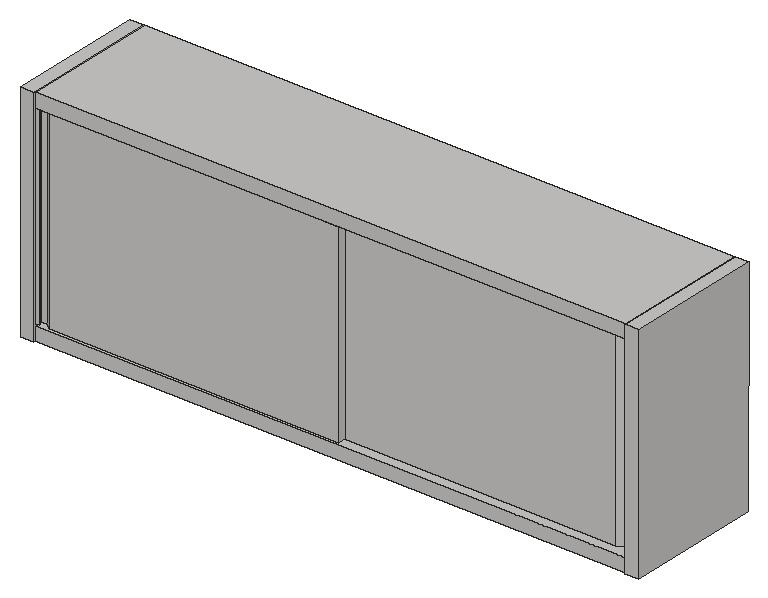
Revit family "QF_ELECTROLUXPROFESSIONAL_132925_SPS18LCN", category Attrezzature speciali, Revit 2020
Family settings
  Quota connettore circolare = Usa diametro
  Tipo di parte = Normale
  Basato su piano di lavoro = No
  Sempre verticale = Sì
  Taglio con vuoti quando caricato = No
  Condiviso = No
  Punto di calcolo locali = No
Parameters (values of type "Standard")
  Weight = 35.00 kg
  Watts = 0 W
  Volts = 0 V
  URL Manufacturer = "https://www.electroluxprofessional.com/"
  URL = "https://www.electroluxprofessional.com/"
  Steam Supply Size = 0 mm
  Steam Supply Minimum Pressure = 0.0 Pa
  Steam Supply Maximum Pressure = 0.0 Pa
  Steam Consumption per Hour = 0
  Refrigeration Suction Line Size = 0.0 mm
  Refrigeration Liquid Line Size = 0.0 mm
  Refrigerant Compressor Remote = yes
  Prospetto di default = 0.0 mm
  Phase = 0
  Modello = "SPS18LCN"
  Produttore = "Electrolux Professional"
  Length Actual = 1800.0 mm  # constant formula
  Item Number = "132925"
  Hot Water Size = 0 mm
  Height Actual = 650.0 mm  # constant formula
  HP = "0 HP"
  Gas Size = 0 mm
  Gas KW = 0
  Gas Input Pressure = 0 W
  Direct Waste Size = 0 mm
  Descrizione = "WALL CUPBOARD W/2 SLIDING DOORS 1800MM"
  Depth Actual = 400.0 mm  # constant formula
  Cycle = 0 Hz
  Condensate Return Size = 0 mm
  Compressed Air Volume = 0.0 L/s
  Compressed Air Size = 0 mm
  Compressed Air Pressure = 0.0 Pa
  Cold Water Size = 0 mm
  Accessory = yes
Reference planes
  plane 1 "Center (Front/Back)": y = 0
  plane 2: z = 0
  plane 3 "Center (Left/Right)": x = -300
  plane 4 "LEFT": x = -1200
  plane 5 "RIGHT": x = 600
  plane 6 "BACK": y = 200
  plane 7 "FRONT": y = -200
  plane 8 "Base": z = 2200
  plane 9 "BASE": z = 1550
  plane 10: x = -1160
  plane 11: x = 560
  plane 12: y = -197
  plane 13: y = 150
Forms (mm)
  Extrusion 1, solid, material "QF_Finishes_Stainless Steel"
    sketch origin (0, 0, 1550) x (-1, 0, 0) y (0, -1, 0)
      loop
        line (1200, -200) -> (1200, 200) -> (1160, 200) -> (1160, -200) -> (1200, -200)
      loop
        line (-560, -200) -> (-560, 200) -> (-600, 200) -> (-600, -200) -> (-560, -200)
    from 0 to 650
  Extrusion 2, solid, material "QF_Finishes_Stainless Steel"
    sketch origin (0, 0, 1550) x (-1, 0, 0) y (0, -1, 0)
      loop
        line (1160, -150) -> (1160, 197) -> (-560, 197) -> (-560, -150) -> (1160, -150)
    from 0 to 40
  Extrusion 3, solid, material "QF_Finishes_Stainless Steel"
    sketch origin (0, 0, 0) x (1, 0, 0) y (0, 1, 0)
      loop
        line (-1160, -197) -> (560, -197) -> (560, 200) -> (-1160, 200) -> (-1160, -197)
    from 2160 to 2200
  Extrusion 4, solid, material "QF_Finishes_Stainless Steel"
    sketch origin (0, 0, 1550) x (-1, 0, 0) y (0, -1, 0)
      loop
        line (1160, -200) -> (1160, -150) -> (-560, -150) -> (-560, -200) -> (1160, -200)
    from 610 to 0
  Extrusion 5, solid, material "QF_Finishes_Stainless Steel"
    sketch origin (0, 0, 0) x (1, 0, 0) y (0, 1, 0)
      loop
        line (-273.481, -197) -> (-273.481, -177) -> (-1157, -177) -> (-1157, -197) -> (-1147, -197) -> (-1147, -194) -> (-1154, -194) -> (-1154, -182) -> (-1137, -182) -> (-1117, -197) -> (-273.481, -197)
    from 1597 to 2160
  Extrusion 6, solid, material "QF_Finishes_Stainless Steel"
    sketch origin (0, 0, 0) x (1, 0, 0) y (0, 1, 0)
      loop
        line (-326.5, -177) -> (517, -177) -> (537, -162) -> (554, -162) -> (554, -174) -> (547, -174) -> (547, -177) -> (557, -177) -> (557, -157) -> (-326.5, -157) -> (-326.5, -177)
    from 2160 to 1597
Lines and regions (mm)
  symbolic lines, style "SpecialityEquipment"
    curve 1: line (600, 200, 0) -> (-1200, 200, 0)
    curve 2: line (600, -200, 0) -> (600, 200, 0)
    curve 3: line (-1200, -204.5, 0) -> (-1200, 200, 0)
    curve 4: line (-1200, -200, 0) -> (-1162, -200, 0)
    curve 5: line (562, -200, 0) -> (600, -200, 0)
    curve 7: line (562, -197, 0) -> (-1162, -197, 0)
    curve 12: line (-1114.985, -211.008, 0) -> (-1114.038, -209.239, 0)
  symbolic lines, style "SpecialityEquipmentHiddenLines"
    curve 6: line (562, -200, 0) -> (562, -197, 0)
    curve 8: line (-1162, -197, 0) -> (-1162, -200, 0)
    curve 9: line (560, -157, 0) -> (-326.5, -157, 0)
    curve 10: line (-326.5, -157, 0) -> (-326.5, -181, 0)
    curve 11: line (517, -181, 0) -> (-1157, -181, 0)
    curve 13: line (-273.5, -181, 0) -> (-273.5, -197, 0)
    curve 14: line (-1157, -181, 0) -> (-1157, -186, 0)
    curve 15: line (-1137, -186, 0) -> (-1154, -186, 0)
  symbolic lines
    curve 16: line (-1200, 200, 0) -> (600, -200, 0)
    curve 17: line (600, 200, 0) -> (-1200, -200, 0)
    curve 18: line (-1137, -186, 0) -> (-1117, -197, 0)
    curve 19: line (-1154, -186, 0) -> (-1154, -194, 0)
    curve 20: line (-1154, -194, 0) -> (-1147, -194, 0)
    curve 21: line (-1147, -194, 0) -> (-1147, -197, 0)
    curve 22: line (557, -157, 0) -> (557, -177, 0)
    curve 23: line (557, -177, 0) -> (547, -177, 0)
    curve 24: line (547, -177, 0) -> (547, -174, 0)
    curve 25: line (547, -174, 0) -> (554, -174, 0)
    curve 26: line (554, -174, 0) -> (554, -162, 0)
    curve 27: line (554, -162, 0) -> (537, -162, 0)
    curve 28: line (517, -181, 0) -> (537, -162, 0)
Dimensions and locks
  plane 4 "LEFT" to plane 5 "RIGHT" = 1800.0 mm
  equal spacing: plane 4 "LEFT", plane 3 "Center (Left/Right)", plane 5 "RIGHT"
  plane 6 "BACK" to plane 7 "FRONT" = 400.0 mm
  equal spacing: plane 6 "BACK", plane 1 "Center (Front/Back)", plane 7 "FRONT"
  plane 9 "BASE" to level = 1550.0 mm
  locked: plane 4 "LEFT" to plane 10 at 40
  locked: plane 11 to plane 5 "RIGHT" at 40
  plane 12 to plane 7 "FRONT" = 3.0 mm
  plane 6 "BACK" to plane 13 = 50.0 mm
  locked: plane 8 "Base" to plane 9 "BASE" at 650
  aligned and locked: level to plane 2
  aligned and locked: plane 8 "Base" to Extrusion 1
  aligned and locked: plane 6 "BACK" to Extrusion 1 sketch curve
  aligned and locked: Extrusion 1 sketch curve to plane 6 "BACK"
  aligned and locked: plane 7 "FRONT" to Extrusion 1 sketch curve
  aligned and locked: Extrusion 1 sketch curve to plane 7 "FRONT"
  aligned and locked: plane 10 to Extrusion 1
  aligned and locked: Extrusion 1 to plane 11
  aligned and locked: Extrusion 2 to plane 10
  aligned and locked: plane 11 to Extrusion 2
  aligned and locked: plane 8 "Base" to Extrusion 3
  aligned and locked: Extrusion 2 to plane 12
  aligned and locked: Extrusion 2 to plane 13
  aligned and locked: Extrusion 3 to plane 12
  aligned and locked: plane 10 to Extrusion 4 sketch curve
  aligned and locked: Extrusion 4 sketch curve to plane 11
  aligned and locked: Extrusion 4 sketch curve to plane 6 "BACK"
  aligned and locked: Extrusion 4 sketch curve to plane 13
  aligned and locked: Extrusion 4 to Extrusion 3
  aligned and locked: Extrusion 4 to plane 9 "BASE"
  aligned and locked: plane 6 "BACK" to Extrusion 3
Automatic sketch dimensions
  Extrusion 1 sketch curve to plane 5 "RIGHT" = 0.0 mm
  Extrusion 1 sketch curve to plane 11 = 0.0 mm
  Extrusion 1 sketch curve to plane 10 = 0.0 mm
  Extrusion 1 sketch curve to plane 4 "LEFT" = 0.0 mm
  Extrusion 2 sketch curve to plane 11 = 0.0 mm
  Extrusion 2 sketch curve to plane 10 = 0.0 mm
  plane 13 to Extrusion 2 sketch curve = 0.0 mm
  Extrusion 2 sketch curve to plane 12 = 0.0 mm
  Extrusion 3 sketch curve to plane 6 "BACK" = 0.0 mm
  Extrusion 3 sketch curve to plane 10 = 0.0 mm
  Extrusion 3 sketch curve to plane 11 = 0.0 mm
  Extrusion 3 sketch curve to plane 12 = 0.0 mm
  Extrusion 5 sketch curve to plane 12 = 0.0 mm  (x2)
  plane 10 to Extrusion 5 sketch curve = 3.0 mm
  Extrusion 5 sketch curve to Extrusion 5 sketch curve = 3.0 mm
  Extrusion 5 sketch curve to Extrusion 5 sketch curve = 7.0 mm
  Extrusion 5 sketch curve to Extrusion 5 sketch curve = 10.0 mm
  plane 3 "Center (Left/Right)" to Extrusion 5 sketch curve = 26.519 mm
  plane 12 to Extrusion 5 sketch curve = 3.0 mm
  Extrusion 5 sketch curve to Extrusion 5 sketch curve = 12.0 mm
  Extrusion 5 sketch curve to Extrusion 5 sketch curve = 20.0 mm  (x2)
  Extrusion 5 sketch curve to Extrusion 5 sketch curve = 0.0 mm
  Extrusion 6 sketch curve to plane 3 "Center (Left/Right)" = 26.5 mm
  plane 12 to Extrusion 6 sketch curve = 20.0 mm  (x2)
  Extrusion 6 sketch curve to plane 11 = 43.0 mm
  Extrusion 6 sketch curve to plane 11 = 23.0 mm
  Extrusion 6 sketch curve to plane 11 = 13.0 mm
  Extrusion 6 sketch curve to plane 11 = 6.0 mm
  Extrusion 6 sketch curve to plane 11 = 3.0 mm
  Extrusion 6 sketch curve to Extrusion 6 sketch curve = 3.0 mm
  Extrusion 6 sketch curve to Extrusion 6 sketch curve = 12.0 mm
  Extrusion 6 sketch curve to Extrusion 6 sketch curve = 20.0 mm
  curve 1 to plane 4 "LEFT" = 0.0 mm
  curve 4 to plane 7 "FRONT" = 0.0 mm
  curve 9 to plane 11 = 0.0 mm
  curve 6 to plane 12 = 0.0 mm
  curve 2 to plane 5 "RIGHT" = 0.0 mm
  curve 16 to plane 7 "FRONT" = 0.0 mm
  curve 17 to plane 7 "FRONT" = 0.0 mm
  curve 17 to plane 6 "BACK" = 0.0 mm
  curve 8 to plane 10 = 2.0 mm
  plane 10 to curve 11 = 3.0 mm
  plane 10 to curve 19 = 6.0 mm
  plane 12 to curve 20 = 3.0 mm
  curve 19 to curve 20 = 7.0 mm
  curve 20 to curve 15 = 10.0 mm
  curve 18 to curve 15 = 0.0 mm
  curve 15 to curve 18 = 20.0 mm
  curve 12 to plane 7 "FRONT" = 11.008 mm
  curve 18 to curve 12 = 2.015 mm
  curve 12 to plane 7 "FRONT" = 9.239 mm
  curve 12 to curve 12 = 0.948 mm
  curve 10 to plane 3 "Center (Left/Right)" = 26.5 mm
  plane 3 "Center (Left/Right)" to curve 13 = 26.5 mm
  curve 28 to plane 11 = 43.0 mm
  curve 28 to plane 11 = 23.0 mm
  curve 24 to plane 11 = 13.0 mm
  curve 25 to plane 11 = 6.0 mm
  curve 22 to curve 9 = 3.0 mm
  plane 11 to curve 5 = 2.0 mm
  curve 3 to curve 17 = 4.5 mm
  curve 14 to curve 15 = 0.0 mm
  plane 12 to curve 23 = 20.0 mm
  curve 14 to curve 14 = 5.0 mm
  curve 23 to curve 24 = 3.0 mm
  curve 25 to curve 27 = 12.0 mm
  curve 26 to curve 22 = 5.0 mm
